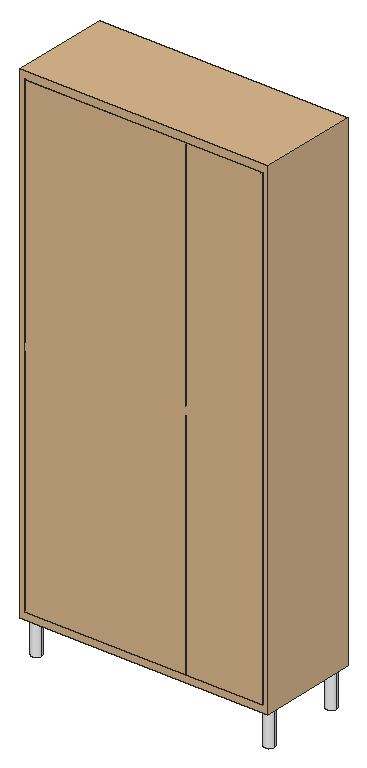
Revit family
Parameters (values of type "1000 x 400mm")
  URL = ""
  Model = ""
  Material Frame = Wood - Birch
  Keynote = "N"
  Description = "Shelving unit"
  Material Feet = Metal - Chrome
  Material Shelf = Wood - Birch
  Manufacturer = "Revit"
  Cost = 0
  Assembly Code = "E2020200"
Reference planes
  plane 1 "Centro A/I": y = 0
  plane 2: z = 0
  plane 3 "Centro S/D": x = 0
  plane 4: z = 1140
  plane 5: z = 1115
  plane 6: x = -150
  plane 7: x = -160
  plane 8: x = 170
  plane 9: x = 160
  plane 10: z = 1783.333
  plane 11: z = 1773.333
  plane 12: z = 1466.667
  plane 13: z = 1456.667
  plane 14: z = 790
  plane 15: z = 800
  plane 16: z = 485
  plane 17: z = 475
  plane 18: z = 2120
  plane 19: z = 140
Forms (mm)
  Extrusion 1, solid, material "Wood - Birch" <- "Material Frame"
    sketch origin (45.894, 0, 0) x (1, 0, 0) y (0, 1, 0)
      loop
        line (434.106, 208.575) -> (434.106, -191.425) -> (454.106, -191.425) -> (454.106, 208.575) -> (434.106, 208.575)
    from 170 to 2090
  Extrusion 2, solid, material "Wood - Birch" <- "Material Frame"
    sketch origin (-934.106, 0, 0) x (1, 0, 0) y (0, 1, 0)
      loop
        line (434.106, 208.575) -> (434.106, -191.425) -> (454.106, -191.425) -> (454.106, 208.575) -> (434.106, 208.575)
    from 170 to 2090
  Extrusion 3, solid, material "Wood - Birch" <- "Material Frame"
    sketch origin (45.894, 0, 0) x (1, 0, 0) y (0, 1, 0)
      loop
        line (-545.894, 208.575) -> (-545.894, -191.425) -> (454.106, -191.425) -> (454.106, 208.575) -> (-545.894, 208.575)
    from 140 to 170
  Extrusion 4, solid, material "Wood - Birch" <- "Material Frame"
    sketch origin (45.894, 0, 0) x (1, 0, 0) y (0, 1, 0)
      loop
        line (-545.894, 208.575) -> (-545.894, -191.425) -> (454.106, -191.425) -> (454.106, 208.575) -> (-545.894, 208.575)
    from 2090 to 2120
  Extrusion 5, solid, material "Metal - Chrome" <- "Material Feet"
    sketch origin (70.514, -4.341, 0) x (1, 0, 0) y (0, 1, 0)
      loop
        circle (398.427, -142.477) r 20
    from 0 to 140
  Extrusion 6, solid, material "Metal - Chrome" <- "Material Feet"
    sketch origin (70.514, 24.341, 0) x (1, 0, 0) y (0, 1, 0)
      loop
        circle (398.427, 142.477) r 20
    from 0 to 140
  Extrusion 7, solid, material "Metal - Chrome" <- "Material Feet"
    sketch origin (-70.514, -4.341, 0) x (-1, 0, 0) y (0, -1, 0)
      loop
        circle (398.427, 142.477) r 20
    from 0 to 140
  Extrusion 8, solid, material "Metal - Chrome" <- "Material Feet"
    sketch origin (-70.514, 24.341, 0) x (-1, 0, 0) y (0, -1, 0)
      loop
        circle (398.427, -142.477) r 20
    from 0 to 140
  Extrusion 9, solid, material "Wood - Birch" <- "Material Frame"
    sketch origin (45.894, 0, 0) x (1, 0, 0) y (0, 1, 0)
      loop
        line (-525.894, 208.575) -> (-525.894, -191.425) -> (434.106, -191.425) -> (434.106, 208.575) -> (-525.894, 208.575)
    from 1115 to 1140
  Extrusion 10, solid, material "Wood - Birch" <- "Material Shelf"
    sketch origin (45.894, 0, 120) x (1, 0, 0) y (0, 1, 0)
      loop
        line (-205.894, 194.228) -> (-205.894, -191.425) -> (-195.894, -191.425) -> (-195.894, 194.228) -> (-205.894, 194.228)
    from 1020 to 1970
  Extrusion 11, solid, material "Wood - Birch" <- "Material Shelf"
    sketch origin (365.894, 0, 120) x (1, 0, 0) y (0, 1, 0)
      loop
        line (-205.894, 194.228) -> (-205.894, -191.425) -> (-195.894, -191.425) -> (-195.894, 194.228) -> (-205.894, 194.228)
    from 1020 to 1970
  Extrusion 12, solid, material "Wood - Birch" <- "Material Shelf"
    sketch origin (45.894, 0, -940) x (1, 0, 0) y (0, 1, 0)
      loop
        line (-205.894, 194.228) -> (-205.894, -191.425) -> (-195.894, -191.425) -> (-195.894, 194.228) -> (-205.894, 194.228)
    from 1110 to 2050
  Extrusion 13, solid, material "Wood - Birch" <- "Material Shelf"
    sketch origin (365.894, 0, -940) x (1, 0, 0) y (0, 1, 0)
      loop
        line (-205.894, 194.228) -> (-205.894, -191.425) -> (-195.894, -191.425) -> (-195.894, 194.228) -> (-205.894, 194.228)
    from 1110 to 2050
  Extrusion 14, solid, material "Wood - Birch" <- "Material Shelf"
    sketch origin (195.894, 0, 120) x (1, 0, 0) y (0, 1, 0)
      loop
        line (-25.894, 180) -> (-25.894, -186.276) -> (284.106, -186.276) -> (284.106, 180) -> (-25.894, 180)
    from 1653.333 to 1663.333
  Extrusion 15, solid, material "Wood - Birch" <- "Material Shelf"
    sketch origin (-124.106, 0, 120) x (1, 0, 0) y (0, 1, 0)
      loop
        line (-25.894, 180) -> (-25.894, -186.276) -> (284.106, -186.276) -> (284.106, 180) -> (-25.894, 180)
    from 1653.333 to 1663.333
  Extrusion 16, solid, material "Wood - Birch" <- "Material Shelf"
    sketch origin (-444.106, 0, 120) x (1, 0, 0) y (0, 1, 0)
      loop
        line (-25.894, 180) -> (-25.894, -186.276) -> (284.106, -186.276) -> (284.106, 180) -> (-25.894, 180)
    from 1653.333 to 1663.333
  Extrusion 17, solid, material "Wood - Birch" <- "Material Shelf"
    sketch origin (195.894, 0, -200) x (1, 0, 0) y (0, 1, 0)
      loop
        line (-25.894, 180) -> (-25.894, -186.276) -> (284.106, -186.276) -> (284.106, 180) -> (-25.894, 180)
    from 1656.667 to 1666.667
  Extrusion 18, solid, material "Wood - Birch" <- "Material Shelf"
    sketch origin (-124.106, 0, -200) x (1, 0, 0) y (0, 1, 0)
      loop
        line (-25.894, 180) -> (-25.894, -186.276) -> (284.106, -186.276) -> (284.106, 180) -> (-25.894, 180)
    from 1656.667 to 1666.667
  Extrusion 19, solid, material "Wood - Birch" <- "Material Shelf"
    sketch origin (-444.106, 0, -200) x (1, 0, 0) y (0, 1, 0)
      loop
        line (-25.894, 180) -> (-25.894, -186.276) -> (284.106, -186.276) -> (284.106, 180) -> (-25.894, 180)
    from 1656.667 to 1666.667
  Extrusion 20, solid, material "Wood - Birch" <- "Material Shelf"
    sketch origin (195.894, 0, -870) x (1, 0, 0) y (0, 1, 0)
      loop
        line (-25.894, 180) -> (-25.894, -186.276) -> (284.106, -186.276) -> (284.106, 180) -> (-25.894, 180)
    from 1660 to 1670
  Extrusion 21, solid, material "Wood - Birch" <- "Material Shelf"
    sketch origin (-124.106, 0, -870) x (1, 0, 0) y (0, 1, 0)
      loop
        line (-25.894, 180) -> (-25.894, -186.276) -> (284.106, -186.276) -> (284.106, 180) -> (-25.894, 180)
    from 1660 to 1670
  Extrusion 22, solid, material "Wood - Birch" <- "Material Shelf"
    sketch origin (-444.106, 0, -870) x (1, 0, 0) y (0, 1, 0)
      loop
        line (-25.894, 180) -> (-25.894, -186.276) -> (284.106, -186.276) -> (284.106, 180) -> (-25.894, 180)
    from 1660 to 1670
  Extrusion 23, solid, material "Wood - Birch" <- "Material Shelf"
    sketch origin (195.894, 0, -1190) x (1, 0, 0) y (0, 1, 0)
      loop
        line (-25.894, 180) -> (-25.894, -186.276) -> (284.106, -186.276) -> (284.106, 180) -> (-25.894, 180)
    from 1665 to 1675
  Extrusion 24, solid, material "Wood - Birch" <- "Material Shelf"
    sketch origin (-124.106, 0, -1190) x (1, 0, 0) y (0, 1, 0)
      loop
        line (-25.894, 180) -> (-25.894, -186.276) -> (284.106, -186.276) -> (284.106, 180) -> (-25.894, 180)
    from 1665 to 1675
  Extrusion 25, solid, material "Wood - Birch" <- "Material Shelf"
    sketch origin (-444.106, 0, -1190) x (1, 0, 0) y (0, 1, 0)
      loop
        line (-35.894, 180) -> (-35.894, -186.276) -> (284.106, -186.276) -> (284.106, 180) -> (-35.894, 180)
    from 1665 to 1675
  Extrusion 26, solid, material "Wood - Birch" <- "Material Shelf"
    sketch origin (-114.106, -3, 0) x (1, 0, 0) y (0, 1, 0)
      loop
        line (-365.894, -188.425) -> (-365.894, -191.425) -> (594.106, -191.425) -> (594.106, -188.425) -> (-365.894, -188.425)
    from 170 to 2090
Cuts and joins
  joined: Extrusion 1, Extrusion 2, Extrusion 3, Extrusion 4, Extrusion 9
  joined: Extrusion 14, Extrusion 26
Lines and regions (mm)
  Masking region 1
    outline origin (0, 0, 0) x (1, 0, 0) y (0, 1, 0)
      loop
        line (-500, 208.575) -> (-500, -191.425) -> (500, -191.425) -> (500, 208.575) -> (-500, 208.575)
  sketch lines
    curve 1: line (-2000, 2000, 0) -> (2000, 2000, 0)
    curve 2: line (-2000, 2000, 0) -> (-2000, -2000, 0)
    curve 3: line (-2000, -2000, 0) -> (2000, -2000, 0)
    curve 4: line (2000, 2000, 0) -> (2000, -2000, 0)
  symbolic lines
    curve 5: line (-500, 208.575, 0) -> (500, 208.575, 0)
    curve 6: line (-500, -191.425, 0) -> (-500, 208.575, 0)
    curve 7: line (500, -191.425, 0) -> (-500, -191.425, 0)
    curve 8: line (500, 208.575, 0) -> (500, -191.425, 0)
Dimensions and locks
  plane 18 to level = 2120 mm
  locked: plane 19 to level at 140
  equal spacing: Extrusion 26, plane 5, plane 19
  locked: plane 18 to Extrusion 26 at 30
  locked: Extrusion 26 to plane 19 at 30
  equal spacing: plane 5, plane 15, plane 16, Extrusion 26
  locked: plane 4 to plane 5 at 25
  equal spacing: Extrusion 26, plane 11, plane 13, plane 4
  Extrusion 2 to Extrusion 1 = 1000 mm
  locked: Extrusion 2 to Extrusion 26 at 20
  locked: Extrusion 1 to Extrusion 26 at 20
  aligned and locked: curve 5 to Extrusion 2
  aligned and locked: curve 5 to Extrusion 3
  aligned and locked: Extrusion 3 to curve 8
  aligned and locked: curve 8 to Extrusion 1
  aligned and locked: plane 5 to Extrusion 9
  aligned and locked: Extrusion 9 to plane 4
  aligned and locked: Extrusion 21 to plane 15
  aligned and locked: plane 14 to Extrusion 21
  aligned and locked: Extrusion 20 to plane 15
  aligned and locked: plane 14 to Extrusion 20
  aligned and locked: Extrusion 22 to plane 15
  aligned and locked: plane 14 to Extrusion 22
  aligned and locked: Extrusion 25 to plane 16
  aligned and locked: Extrusion 24 to plane 16
  aligned and locked: Extrusion 23 to plane 16
  aligned and locked: plane 17 to Extrusion 25
  aligned and locked: plane 17 to Extrusion 24
  aligned and locked: plane 17 to Extrusion 23
  aligned and locked: plane 13 to Extrusion 19
  aligned and locked: plane 13 to Extrusion 18
  aligned and locked: plane 13 to Extrusion 17
  aligned and locked: Extrusion 17 to plane 12
  aligned and locked: Extrusion 18 to plane 12
  aligned and locked: Extrusion 19 to plane 12
  aligned and locked: plane 11 to Extrusion 14
  aligned and locked: plane 11 to Extrusion 15
  aligned and locked: plane 11 to Extrusion 16
  aligned and locked: Extrusion 14 to plane 10
  aligned and locked: Extrusion 15 to plane 10
  aligned and locked: Extrusion 16 to plane 10
  aligned and locked: plane 7 to Extrusion 10
  aligned and locked: plane 7 to Extrusion 12
  aligned and locked: Extrusion 12 to plane 6
  aligned and locked: Extrusion 10 to plane 6
  aligned and locked: plane 9 to Extrusion 11
  aligned and locked: plane 9 to Extrusion 13
  aligned and locked: Extrusion 13 to plane 8
  aligned and locked: Extrusion 11 to plane 8
  aligned and locked: Extrusion 25 to Extrusion 2
  aligned and locked: Extrusion 25 to plane 7
  aligned and locked: plane 6 to Extrusion 24
  aligned and locked: Extrusion 24 to plane 9
  aligned: curve 6 to Masking region 1 sketch curve
  aligned: Masking region 1 sketch curve to curve 5
  aligned: Masking region 1 sketch curve to curve 7
  aligned: Masking region 1 sketch curve to curve 8
Automatic sketch dimensions
  curve 2 to curve 3 = 4000 mm
  curve 2 to curve 2 = 4000 mm
  plane 3 "Centro S/D" to Extrusion 1 sketch curve = 480 mm
  Extrusion 1 sketch curve to Extrusion 1 sketch curve = 20 mm
  plane 1 "Centro A/I" to Extrusion 1 sketch curve = 191.425 mm
  Extrusion 1 sketch curve to plane 1 "Centro A/I" = 208.575 mm
  plane 1 "Centro A/I" to Extrusion 2 sketch curve = 191.425 mm
  Extrusion 2 sketch curve to plane 3 "Centro S/D" = 500 mm
  Extrusion 2 sketch curve to Extrusion 2 sketch curve = 20 mm
  Extrusion 2 sketch curve to plane 1 "Centro A/I" = 208.575 mm
  plane 1 "Centro A/I" to Extrusion 3 sketch curve = 191.425 mm
  Extrusion 3 sketch curve to plane 3 "Centro S/D" = 500 mm
  plane 3 "Centro S/D" to Extrusion 3 sketch curve = 500 mm
  Extrusion 3 sketch curve to plane 1 "Centro A/I" = 208.575 mm
  plane 1 "Centro A/I" to Extrusion 4 sketch curve = 191.425 mm
  Extrusion 4 sketch curve to plane 3 "Centro S/D" = 500 mm
  plane 3 "Centro S/D" to Extrusion 4 sketch curve = 500 mm
  Extrusion 4 sketch curve to plane 1 "Centro A/I" = 208.575 mm
  plane 3 "Centro S/D" to Extrusion 5 sketch curve = 448.941 mm
  Extrusion 5 sketch curve to Extrusion 5 sketch curve = 20 mm
  plane 1 "Centro A/I" to Extrusion 5 sketch curve = 146.819 mm
  plane 3 "Centro S/D" to Extrusion 6 sketch curve = 448.941 mm
  Extrusion 6 sketch curve to Extrusion 6 sketch curve = 20 mm
  Extrusion 6 sketch curve to plane 1 "Centro A/I" = 166.819 mm
  plane 1 "Centro A/I" to Extrusion 7 sketch curve = 146.819 mm
  Extrusion 7 sketch curve to plane 3 "Centro S/D" = 448.941 mm
  Extrusion 7 sketch curve to Extrusion 7 sketch curve = 20 mm
  Extrusion 8 sketch curve to plane 1 "Centro A/I" = 166.819 mm
  Extrusion 8 sketch curve to plane 3 "Centro S/D" = 448.941 mm
  Extrusion 8 sketch curve to Extrusion 8 sketch curve = 20 mm
  plane 1 "Centro A/I" to Extrusion 9 sketch curve = 191.425 mm
  Extrusion 9 sketch curve to plane 3 "Centro S/D" = 480 mm
  plane 3 "Centro S/D" to Extrusion 9 sketch curve = 480 mm
  Extrusion 9 sketch curve to plane 1 "Centro A/I" = 208.575 mm
  plane 7 to Extrusion 10 sketch curve = 0 mm
  plane 8 to Extrusion 10 sketch curve = 320 mm
  plane 1 "Centro A/I" to Extrusion 10 sketch curve = 191.425 mm
  Extrusion 10 sketch curve to plane 1 "Centro A/I" = 194.228 mm
  Extrusion 11 sketch curve to plane 9 = 0 mm
  Extrusion 11 sketch curve to plane 8 = 0 mm
  plane 1 "Centro A/I" to Extrusion 11 sketch curve = 191.425 mm
  Extrusion 11 sketch curve to plane 1 "Centro A/I" = 194.228 mm
  Extrusion 12 sketch curve to plane 7 = 0 mm
  Extrusion 12 sketch curve to plane 6 = 0 mm
  plane 1 "Centro A/I" to Extrusion 12 sketch curve = 191.425 mm
  Extrusion 12 sketch curve to plane 1 "Centro A/I" = 194.228 mm
  Extrusion 13 sketch curve to plane 9 = 0 mm
  Extrusion 13 sketch curve to plane 8 = 0 mm
  plane 1 "Centro A/I" to Extrusion 13 sketch curve = 191.425 mm
  Extrusion 13 sketch curve to plane 1 "Centro A/I" = 194.228 mm
  plane 3 "Centro S/D" to Extrusion 14 sketch curve = 480 mm
  Extrusion 14 sketch curve to Extrusion 14 sketch curve = 310 mm
  plane 1 "Centro A/I" to Extrusion 14 sketch curve = 186.276 mm
  Extrusion 14 sketch curve to plane 1 "Centro A/I" = 180 mm
  Extrusion 15 sketch curve to Extrusion 15 sketch curve = 310 mm
  Extrusion 16 sketch curve to plane 7 = 0 mm
  plane 7 to Extrusion 16 sketch curve = 310 mm
  plane 1 "Centro A/I" to Extrusion 16 sketch curve = 186.276 mm
  Extrusion 16 sketch curve to plane 1 "Centro A/I" = 180 mm
  Extrusion 17 sketch curve to plane 8 = 0 mm
  Extrusion 17 sketch curve to Extrusion 17 sketch curve = 310 mm
  plane 1 "Centro A/I" to Extrusion 17 sketch curve = 186.276 mm
  Extrusion 17 sketch curve to plane 1 "Centro A/I" = 180 mm
  Extrusion 18 sketch curve to plane 6 = 0 mm
  Extrusion 18 sketch curve to plane 9 = 0 mm
  plane 1 "Centro A/I" to Extrusion 18 sketch curve = 186.276 mm
  Extrusion 18 sketch curve to plane 1 "Centro A/I" = 180 mm
  Extrusion 19 sketch curve to plane 7 = 0 mm
  plane 7 to Extrusion 19 sketch curve = 310 mm
  plane 1 "Centro A/I" to Extrusion 19 sketch curve = 186.276 mm
  Extrusion 19 sketch curve to plane 1 "Centro A/I" = 180 mm
  Extrusion 20 sketch curve to plane 8 = 0 mm
  Extrusion 20 sketch curve to Extrusion 20 sketch curve = 310 mm
  plane 1 "Centro A/I" to Extrusion 20 sketch curve = 186.276 mm
  Extrusion 20 sketch curve to plane 1 "Centro A/I" = 180 mm
  Extrusion 21 sketch curve to plane 6 = 0 mm
  Extrusion 21 sketch curve to plane 9 = 0 mm
  plane 1 "Centro A/I" to Extrusion 21 sketch curve = 186.276 mm
  Extrusion 21 sketch curve to plane 1 "Centro A/I" = 180 mm
  Extrusion 22 sketch curve to plane 7 = 0 mm
  plane 7 to Extrusion 22 sketch curve = 310 mm
  plane 1 "Centro A/I" to Extrusion 22 sketch curve = 186.276 mm
  Extrusion 22 sketch curve to plane 1 "Centro A/I" = 180 mm
  Extrusion 23 sketch curve to plane 8 = 0 mm
  Extrusion 23 sketch curve to Extrusion 23 sketch curve = 310 mm
  plane 1 "Centro A/I" to Extrusion 23 sketch curve = 186.276 mm
  Extrusion 23 sketch curve to plane 1 "Centro A/I" = 180 mm
  Extrusion 24 sketch curve to plane 6 = 0 mm
  Extrusion 24 sketch curve to plane 9 = 0 mm
  plane 1 "Centro A/I" to Extrusion 24 sketch curve = 186.276 mm
  Extrusion 24 sketch curve to plane 1 "Centro A/I" = 180 mm
  Extrusion 25 sketch curve to plane 7 = 0 mm
  plane 7 to Extrusion 25 sketch curve = 320 mm
  plane 1 "Centro A/I" to Extrusion 25 sketch curve = 186.276 mm
  Extrusion 25 sketch curve to plane 1 "Centro A/I" = 180 mm
  plane 8 to Extrusion 26 sketch curve = 650 mm
  Extrusion 26 sketch curve to Extrusion 26 sketch curve = 960 mm
  plane 1 "Centro A/I" to Extrusion 26 sketch curve = 194.425 mm
  plane 1 "Centro A/I" to Extrusion 26 sketch curve = 191.425 mm
  plane 7 to Masking region 1 sketch curve = 340 mm
  Masking region 1 sketch curve to plane 8 = 330 mm
  plane 1 "Centro A/I" to Masking region 1 sketch curve = 191.425 mm
  Masking region 1 sketch curve to plane 1 "Centro A/I" = 208.575 mm
